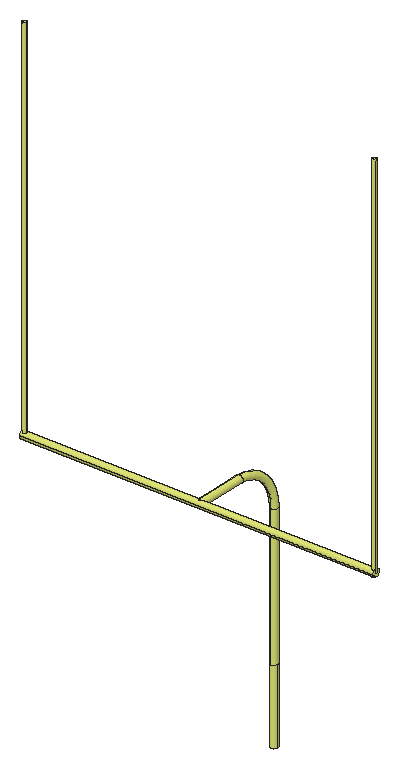
Revit family "Goalpost_PerfectGoal_Gooseneck", category Site, Revit 2018
Family settings
  Round Connector Dimension = Use Diameter
  Part Type = Normal
  OmniClass Number = 23.40.50.34.14
  OmniClass Title = Gymnasium Equipment
  Work Plane-Based = No
  Always vertical = Yes
  Cut with Voids When Loaded = No
  Shared = No
Parameters (values of type "FB45CG")
  URL = "https://ipibybison.com/"
  Total Width = Goal Clearance + (2 * (0' 2 3/8"))  # 18' - 10 3/4"
  Total Height = Rail Elevation + Post Height - 0' 4 1/2"  # 29' - 7 1/2"
  Test Data = "http://www.ipibybison.com/ToolBox.php"
  Specification = "https://www.arcat.com/arcatcos/cos49/arc49571.html"
  Setback = 5' - 0"
  Sales Information = "http://www.ipibybison.com/DealersPage.php"
  Revision = "R1_2018-09"
  Rail Elevation = 10' - 0"
  Product Data = "http://www.arcat.com/arcatcos/cos38/arc38554.html"
  Model = "As Specified"
  Manufacturer Website = "http://www.ipibybison.com/"
  Manufacturer Phone - Toll Free = "888-438-5311"
  Manufacturer Phone = "888-438-5311"
  Manufacturer Fax = "888-438-5312"
  Manufacturer Address = "603 L St.   Lincoln, NE 68508"
  Manufacturer = "BRP by bison"
  Keynote = "11 66 00"
  Installation-Fabrication = "http://www.ipibybison.com/InstallersPage.php"
  Green Building-LEED = "https://www.arcat.com/green/green_building.shtml"
  Gooseneck Diameter = 0' - 4 1/2"
  Post Height = 20' - 0"
  Goal Post Finish = Powder Coat - Specify Color
  Goal Clearance = 18' - 6"
  Embedding Depth = 4' - 0"
  Drawn By = "Sumex Design, Inc. / Robert S. Weygant, CSI, CDT, SCIP"
  Description = "IPI by Bison Gymnasium Equipment"
  Copyright = "©Arcat Inc."
  Construction Details = "https://www.arcat.com/downloads/38554-brpbis/bim/bison/BRP%20by%20bison"
  Category = ""
  Building Codes = "https://www.brpbybison.com/submittals.html"
Types (6): name | Total Width | Setback | Gooseneck Diameter | Goal Clearance
  FB45HS | 23' - 8 3/4" | 5' - 0" | 0' - 4 1/2" | 23' - 4"
  FB45CG | 18' - 10 3/4" | 5' - 0" | 0' - 4 1/2" | 18' - 6"
  FB55CG | 18' - 10 3/4" | 6' - 0" | 0' - 5 9/16" | 18' - 6"
  FB55HS | 23' - 8 3/4" | 6' - 0" | 0' - 5 9/16" | 23' - 4"
  FB58CG | 18' - 10 3/4" | 8' - 0" | 0' - 5 9/16" | 18' - 6"
  FB58HS | 23' - 8 3/4" | 8' - 0" | 0' - 5 9/16" | 23' - 4"
Reference planes (in)
  plane 1 "Center (Front/Back)": y = 0
  plane 2 "Bottom": z = 0
  plane 3 "Center (Left/Right)": x = 0
  plane 4 "Left": x = -113.375
  plane 5 "Right": x = 113.375
  plane 6: z = 120
  plane 7: z = 117.75
  plane 8 "Rail Alignment": y = -60
  plane 9: z = 115.5
  plane 10 "Top": z = 355.5
  plane 11: x = -112.1875
  plane 12: x = 112.1875
  plane 13: x = -111
  plane 14: x = 111
  plane 15: z = -48
Forms (in)
  Sweep 1, solid, material "Powder Coat - Specify Color" <- "Goal Post Finish"
    path origin (0, 0, 0) x (0, 1, 0) y (0, 0, 1)
      loop
        line (-60, 117.75) -> (-28, 117.75)
        arc (-28, 117.75) -> (-8.20101, 109.54899) -> (0, 89.75) r 28
        line (0, 89.75) -> (0, 0)
    profile origin (0, -44, 117.75) x (0, 0, 1) y (1, 0, 0)
      loop
        circle (0, 0) r 2.25
  Extrusion 2, solid, material "Powder Coat - Specify Color" <- "Goal Post Finish"
    sketch origin (0, 0, 0) x (1, 0, 0) y (0, 1, 0)
      loop
        circle (-112.1875, -60) r 1.1875
      loop
        circle (112.1875, -60) r 1.1875
    from 117.75 to 355.5
  Extrusion 3, solid, material "Powder Coat - Specify Color" <- "Goal Post Finish"
    sketch origin (0, 0, 0) x (1, 0, 0) y (0, 1, 0)
      loop
        circle (0, 0) r 2.25
    from -48 to 0
  Extrusion 4, solid, material "Powder Coat - Specify Color" <- "Goal Post Finish"
    sketch origin (0, 0, 0) x (0, 1, 0) y (0, 0, 1)
      loop
        circle (-60, 117.75) r 2.25
    from -113.375 to 113.375
Dimensions and locks (in)
  equal spacing: plane 4 "Left", plane 3 "Center (Left/Right)", plane 5 "Right"
  "Rail Elevation": plane 6 to plane 2 "Bottom"
  locked: plane 6 to plane 7 at 2.25
  "Setback": plane 8 "Rail Alignment" to plane 1 "Center (Front/Back)"
  equal spacing: plane 6, plane 7, plane 9
  "Post Height": plane 10 "Top" to plane 9
  equal spacing: plane 4 "Left", plane 11, plane 13
  locked: plane 4 "Left" to plane 13 at 2.375
  equal spacing: plane 5 "Right", plane 12, plane 14
  locked: plane 5 "Right" to plane 14 at 2.375
  "Goal Clearance": plane 13 to plane 14
  "Embedding Depth": level to plane 15
  "Gooseneck Diameter": diameter of Extrusion 4 sketch curve
  "Gooseneck Diameter": diameter of Sweep 1 sketch curve
  "Gooseneck Diameter": diameter of Extrusion 3 sketch curve
  aligned and locked: plane 2 "Bottom" to level
  aligned and locked: plane 7 to Sweep 1 sketch curve  (x2)
  aligned and locked: plane 8 "Rail Alignment" to Sweep 1 sketch curve
  aligned and locked: Sweep 1 sketch curve to plane 1 "Center (Front/Back)"
  aligned and locked: level to Sweep 1 sketch curve
  aligned and locked: plane 3 "Center (Left/Right)" to Sweep 1 sketch curve
  aligned and locked: plane 11 to Extrusion 2 sketch curve
  aligned and locked: plane 8 "Rail Alignment" to Extrusion 2 sketch curve  (x2)
  aligned and locked: plane 12 to Extrusion 2 sketch curve
  aligned and locked: Extrusion 2 to plane 10 "Top"
  aligned and locked: Extrusion 2 to plane 7
  aligned and locked: plane 3 "Center (Left/Right)" to Extrusion 3 sketch curve
  aligned and locked: plane 1 "Center (Front/Back)" to Extrusion 3 sketch curve
  aligned and locked: level to Extrusion 3
  aligned and locked: plane 15 to Extrusion 3
  aligned and locked: plane 8 "Rail Alignment" to Extrusion 4 sketch curve
  aligned and locked: plane 7 to Extrusion 4 sketch curve
  aligned and locked: Extrusion 4 to plane 5 "Right"
  aligned and locked: Extrusion 4 to plane 4 "Left"
Automatic sketch dimensions
  Sweep 1 sketch curve to Sweep 1 sketch curve = 2' - 4"
  radius of Extrusion 2 sketch curve = 0' - 1 3/16"  (x2)
